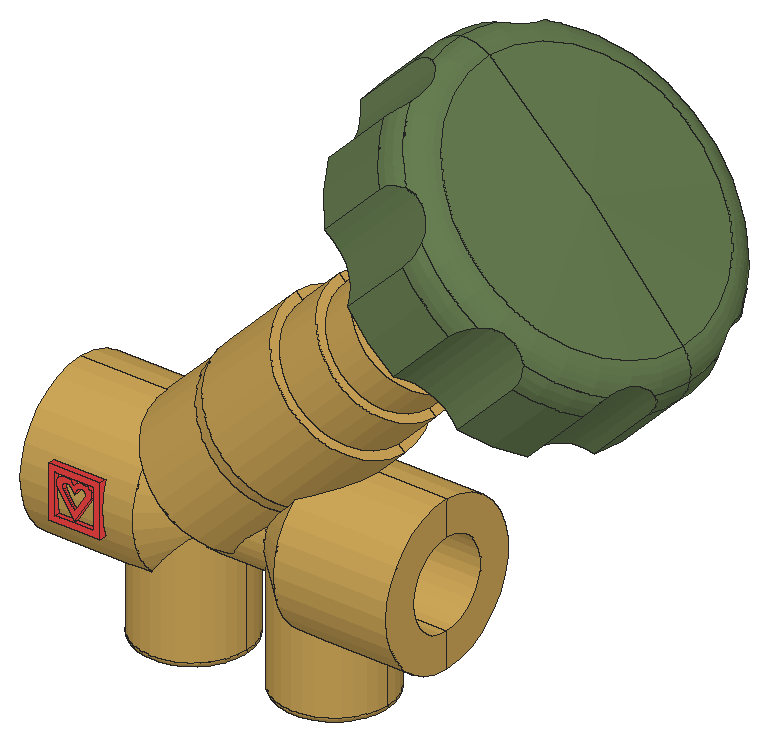
Revit family "Absperrventil 4125 WD", category Rohrzubehör, Revit 2019
Family settings
  Bemaßung runder Anschluss = Durchmesser verwenden
  Teiletyp = Unterbricht
  OmniClass-Nummer = 23.65.55.14
  OmniClass-Titel = Valves for Liquid Services
  Arbeitsebenenbasiert = Nein
  Immer vertikal = Ja
  Beim Laden mit Abzugskörper schneiden = Nein
  Gemeinsam genutzt = Nein
Parameters
  W01 = 45.00°  # constant formula
  URL = "www.herz-armaturen.at"
  Technische möglicher Einsatz = " "  # constant formula
  Spindel = "Messing CW617N"  # constant formula
  SW01 = 60.00°  # constant formula
  SC_NennweiteBerechnet = 0
  SC_Dimension = ""
  SCTWSEQ = "FW_SBT_TYP_FW=\"109\";2"
  SCTWCODE = "04;00;02"  # constant formula
  S03 = 60 mm  # constant formula
  S02 [instance] = L06 + L09 + L12 + L15  # 77.9 mm
  S01 [instance] = R01 * 2  # 27 mm
  R12 [instance] = R01 - 1 mm  # 12.5 mm
  R11 [instance] = size_lookup("4125WD_", "R11", 46.5 mm, Nennweite)  # 5.1 mm
  R100 = 1 mm  # constant formula
  R10 [instance] = size_lookup("4125WD_", "R10", 46.5 mm, Nennweite)  # 8 mm
  R09 [instance] = size_lookup("4125WD_", "R9", 46.5 mm, Nennweite)  # 10.5 mm
  R08 [instance] = size_lookup("4125WD_", "R8", 46.5 mm, Nennweite)  # 12 mm
  R07 [instance] = size_lookup("4125WD_", "R7", 46.5 mm, Nennweite)  # 13.5 mm
  R06 [instance] = size_lookup("4125WD_", "R6", 43 mm, Nennweite)  # 13 mm
  R05 [instance] = Nennweite / 2  # 7.5 mm
  R03 = 9.5 mm  # constant formula
  R02 [instance] = Nennweite / 2  # 7.5 mm
  R01 [instance] = size_lookup("4125WD_", "R1", 11.5 mm, Nennweite)  # 13.5 mm
  Oberteil = "entzinkungsbeständiges Messing CW626N"  # constant formula
  Nennweite [instance] = 15 mm
  Min. Durchfluss bei Dp 10 kPa [instance] = if(Nennweite = 15 mm, 0.5 L/s, if(Nennweite = 20 mm, 1.0 L/s, if(Nennweite = 25 mm, 1.75 L/s, if(Nennweite = 32 mm, 3.0 L/s, if(Nennweite = 40 mm, 4.0 L/s, if(Nennweite = 50 mm, 6.75 L/s, if(Nennweite = 65 mm, 11.0 L/s, if(Nennweite = 80 mm, 16.0 L/s, 0.0 L/s))))))))  # 0.5 L/s
  Medium = "Trinkwasser"  # constant formula
  Max. Gebrauchstemperatur (ÖVGW) = 65 °C  # constant formula
  Max. Differenzdruck auf geschlossenen Sitz = 1000000.0 Pa  # constant formula
  Max. Betriebstemperatur = 80 °C  # constant formula
  Max. Betriebsdruck (ÖVGW) = 1000000.0 Pa  # constant formula
  Max. Betriebsdruck = 2000000.0 Pa  # constant formula
  L16 [instance] = L01 / 2  # 10 mm
  L15 [instance] = size_lookup("4125WD_", "L15", 12.4 mm, Nennweite)  # 12.4 mm
  L14 [instance] = size_lookup("4125WD_", "L14", 81 mm, Nennweite)  # 6 mm
  L12 [instance] = size_lookup("4125WD_", "L12", 81 mm, Nennweite)  # 26 mm
  L11 [instance] = size_lookup("4125WD_", "L11", 60 mm, Nennweite)  # 6.7 mm
  L10 [instance] = size_lookup("4125WD_", "L10", 20 mm, Nennweite)  # 9.3 mm
  L09 [instance] = size_lookup("4125WD_", "L9", 11 mm, Nennweite)  # 17 mm
  L08 [instance] = size_lookup("4125WD_", "L8", 35 mm, Nennweite)  # 20 mm
  L07 [instance] = size_lookup("4125WD_", "L7", 35 mm, Nennweite)  # 12.5 mm
  L06 [instance] = size_lookup("4125WD_", "L6", 118 mm, Nennweite) - L09  # 22.5 mm
  L03 = 15 mm  # constant formula
  L02 [instance] = size_lookup("4125WD_", "L2", 22 mm, Nennweite)  # 6 mm
  L01 [instance] = size_lookup("4125WD_", "L1", 48 mm, Nennweite)  # 20 mm
  L00 [instance] = size_lookup("4125WD_", "L", 180 mm, Nennweite)  # 65 mm
  Kegel = "entzinkungsbeständiges Messing CW626N"  # constant formula
  Hinweis = "Gemäß Art 33 der REACH-Verordnung (EG Nr. 1907/2006) sind wir verpflichtet, darauf hinzuweisen, dass der Stoff Blei auf der SVHC-Liste geführt wird und dass alle aus Messing bestehenden Bauteile, die in unseren Erzeugnissen verarbeitet sind, mehr als 0,1 % (w/w) Blei (CAS: 7439-92-1 / EINECS: 231-100-4) enthalten.\r\nDa Blei als Legierungsbestandteil fest gebunden ist, sind keine Expositionen zu erwarten und daher sind keine zusätzlichen Angaben zur sicheren Verwendung notwendig."
  Hersteller = "HERZ Armaturen Ges.m.b.H."  # constant formula
  Handrad = "Kunststoff, grün"  # constant formula
  H01 [instance] = size_lookup("4125WD_", "H1", 53 mm, Nennweite)  # 24 mm
  Gelegentliche Temperaturanstiege = "bis 95°C, wenn sie nicht länger als 1 h andauern"  # constant formula
  Gehäuse = "entzinkungsbeständiges Gussmessing CC770S"  # constant formula
  Dichtungen = "EPDM nach KTW"  # constant formula
  DN80 [instance] = Nennweite = 80 mm  # no
  DN65 [instance] = Nennweite = 65 mm  # no
  DN50 [instance] = Nennweite = 50 mm  # no
  DN40 [instance] = Nennweite = 40 mm  # no
  DN32 [instance] = Nennweite = 32 mm  # no
  DN25 [instance] = Nennweite = 25 mm  # no
  DN20 [instance] = Nennweite = 20 mm  # no
  DN15 [instance] = Nennweite = 15 mm  # yes
  Bestellnummer [instance] = size_lookup("4125WD_", "Artnr", 0, Nennweite)  # 2412561
  Anwendungsgebiet = "Zum Absperren von Trinkwasserleitungen in Gebäuden."
Reference planes
  plane 1 "Mitte (Vorne/hinten)": y = 0
  plane 2: z = 0
  plane 3 "Mitte (Links/rechts)": x = 0
Forms (mm)
  Revolve 1, solid, material "Messing, weicher Gelbton, geschweißt", detail levels fine
    sketch origin (470, 0, 0) x (1, 0, 0) y (0, 0, 1)
      loop
        line (-502.5, 7.5) -> (-487.5, 7.5) -> (-487.5, 0) -> (-452.5, 0) -> (-452.5, 7.5) -> (-437.5, 7.5) -> (-437.5, 13.5) -> (-457.5, 13.5) -> (-464, 7.5) -> (-476, 7.5) -> (-482.5, 13.5) -> (-502.5, 13.5) -> (-502.5, 7.5)
      axis (-502.5, 0) -> (-437.5, 0)
    angle from 0 to 360
  Revolve 2, solid, material "Messing, weicher Gelbton, geschweißt", detail levels fine
    sketch origin (470, 0, 0) x (1, 0, 0) y (0, 0, 1)
      loop
        line (-492, 0) -> (-492, -23)
        arc (-492, -23) -> (-491.707, -23.707) -> (-491, -24) r 1
        line (-491, -24) -> (-482.5, -24) -> (-482.5, 0) -> (-492, 0)
      axis (-482.5, 0) -> (-482.5, -24)
    angle from 0 to 360
  Revolve 3, solid, material "Messing, weicher Gelbton, geschweißt", detail levels fine
    sketch origin (-470, 0, 0) x (-1, 0, 0) y (0, 0, 1)
      loop
        line (-492, 0) -> (-492, -23)
        arc (-492, -23) -> (-491.707, -23.707) -> (-491, -24) r 1
        line (-491, -24) -> (-482.5, -24) -> (-482.5, 0) -> (-492, 0)
      axis (-482.5, 0) -> (-482.5, -24)
    angle from 0 to 360
  Revolve 4, solid, material "Messing, weicher Gelbton, geschweißt", detail levels fine
    sketch origin (0.32, 0, -0.105) x (1, 0, 0) y (0, 0, 1)
      loop
        line (-12.82, 0) -> (42.264, 55.084) -> (38.657, 58.69) -> (29.889, 49.922) -> (27.839, 51.972) -> (20.767, 44.901) -> (19, 46.669) -> (14.262, 41.931) -> (13.201, 42.992) -> (6.625, 36.416) -> (5.565, 37.477) -> (-6.456, 25.456) -> (-7.87, 23.335) -> (-17.77, 13.435) -> (-18.123, 5.303) -> (-12.82, 0)
      axis (-12.82, 0) -> (42.264, 55.084)
    angle from 0 to 360
Lines and regions (mm)
  model lines, detail levels coarse+medium
    curve 1: line (-32.5, 0, 13.5) -> (-32.5, 0, -13.5)
    curve 2: line (-32.5, 0, -13.5) -> (32.5, 0, 13.5)
    curve 3: line (32.5, 0, 13.5) -> (32.5, 0, -13.5)
    curve 4: line (32.5, 0, -13.5) -> (-32.5, 0, 13.5)
    curve 5: line (0, 0, 0) -> (38.95, 0, 67.463)
    curve 6: line (12.969, 0, 82.463) -> (64.931, 0, 52.463)
    curve 7: line (-32.5, 13.5, 0) -> (-32.5, -13.5, 0)
    curve 8: line (-32.5, -13.5, 0) -> (32.5, 13.5, 0)
    curve 9: line (32.5, 13.5, 0) -> (32.5, -13.5, 0)
    curve 10: line (32.5, -13.5, 0) -> (-32.5, 13.5, 0)
    curve 11: line (0, 0, 0) -> (38.95, 67.463, 0)
    curve 12: line (12.969, 82.463, 0) -> (64.931, 52.463, 0)
Dimensions and locks
  "H01": plane 2 to Revolve 2 sketch curve
  "L00": Revolve 1 sketch curve to Revolve 1 sketch curve
  equal spacing: Revolve 1 sketch curve, plane 3 "Mitte (Links/rechts)", Revolve 1 sketch curve
  "R01": Revolve 1 sketch curve to Revolve 1 sketch curve  (x2)
  "R02": Revolve 1 sketch curve to Revolve 1 sketch curve  (x3)
  "L01": Revolve 1 sketch curve to Revolve 1 sketch curve  (x2)
  "L02": plane 3 "Mitte (Links/rechts)" to Revolve 1 sketch curve
  "L02": Revolve 1 sketch curve to plane 3 "Mitte (Links/rechts)"
  "L03": Revolve 1 sketch curve to Revolve 1 sketch curve  (x2)
  "L01": Revolve 1 to Revolve 2 sketch curve
  "R03": Revolve 2 sketch curve to Revolve 2 sketch curve
  "L01": Revolve 3 sketch curve to Revolve 1
  "R03": Revolve 3 sketch curve to Revolve 3 sketch curve
  "H01": plane 2 to Revolve 3 sketch curve
  "R07": Revolve 4 sketch curve to Revolve 4 sketch curve
  "L07": plane 3 "Mitte (Links/rechts)" to Revolve 4 sketch curve
  "R05": Revolve 4 sketch curve to Revolve 4 sketch curve
  "L06": Revolve 4 sketch curve to Revolve 4 sketch curve
  "L08": Revolve 4 sketch curve to Revolve 4 sketch curve
  "R06": Revolve 4 sketch curve to Revolve 4 sketch curve
  "L14": Revolve 4 sketch curve to Revolve 4 sketch curve
  "L09": Revolve 4 sketch curve to Revolve 4 sketch curve
  "R08": Revolve 4 sketch curve to Revolve 4 sketch curve
  "L10": Revolve 4 sketch curve to Revolve 4 sketch curve
  "R09": Revolve 4 sketch curve to Revolve 4 sketch curve
  "R10": Revolve 4 sketch curve to Revolve 4 sketch curve
  "L12": Revolve 4 sketch curve to Revolve 4 sketch curve
  "R11": Revolve 4 sketch curve to Revolve 4 sketch curve
  "L15": Revolve 4 sketch curve to Revolve 4 sketch curve
  "L11": Revolve 4 sketch curve to Revolve 4 sketch curve
  "R12": nested 9 to plane 1 "Mitte (Vorne/hinten)"
  "L16": Revolve 1 to nested 9
  equal spacing: curve 1, plane 3 "Mitte (Links/rechts)", curve 3
  "L00": curve 1 to curve 3
  equal spacing: curve 4, plane 2, curve 2
  "S01": curve 4 to curve 2
  equal spacing: curve 3, plane 2, curve 4
  "S01": curve 3 to curve 4
  "S02": curve 5 to curve 5
  equal spacing: curve 6, curve 5, curve 6
  "S03": curve 6 to curve 6
  equal spacing: curve 7, plane 3 "Mitte (Links/rechts)", curve 9
  "L00": curve 7 to curve 9
  equal spacing: curve 8, plane 1 "Mitte (Vorne/hinten)", curve 10
  "S01": curve 10 to curve 8
  equal spacing: curve 10, plane 1 "Mitte (Vorne/hinten)", curve 9
  "S01": curve 9 to curve 10
  "S02": curve 11 to curve 11
  equal spacing: curve 12, curve 11, curve 12
  "S03": curve 12 to curve 12
  "R100": radius of Revolve 2 sketch curve
  "R100": radius of Revolve 3 sketch curve
  "W01": angle plane 2 to Revolve 4 sketch curve
  "W01": angle level to Revolve 4 sketch curve
  "SW01": angle plane 2 to curve 5
  "SW01": angle plane 1 "Mitte (Vorne/hinten)" to curve 11
  aligned and locked: level to plane 2
Automatic sketch dimensions
  curve 5 to level = 0 mm
  plane 1 "Mitte (Vorne/hinten)" to curve 11 = 0 mm
  Revolve 1 sketch curve to level = 0 mm  (x2)
  Revolve 1 sketch curve to Revolve 1 sketch curve = 791.99 mm
  Revolve 1 sketch curve to Revolve 1 sketch curve = 2278.983 mm
  Revolve 2 sketch curve to level = 0 mm  (x2)
  Revolve 2 sketch curve to Revolve 2 sketch curve = 0 mm
  Revolve 2 sketch curve to Revolve 2 sketch curve = 0.292 mm
  Revolve 3 sketch curve to level = 0 mm  (x2)
  Revolve 3 sketch curve to Revolve 3 sketch curve = 0 mm
  Revolve 3 sketch curve to Revolve 3 sketch curve = 0.292 mm
  Revolve 4 sketch curve to level = 0.105 mm
  Revolve 4 sketch curve to Revolve 4 sketch curve = 0 mm  (x2)
Nested families
  nested 1: "Strömax-Handrad_Schrägsitz (Grün)" at (42.584, 0, 54.979), visible <- "DN15", type "Strömax-Handrad_Schrägsitz (Grün)", detail levels fine
    with Nennweite 0 mm, Gewicht 0.00 kg, Bestellnummer 0
  nested 2: "Strömax-Handrad_Schrägsitz (Grün)" at (54.312, 0, 67.707), visible <- "DN20", type "Strömax-Handrad_Schrägsitz (Grün)", detail levels fine
    with Nennweite 0 mm, Gewicht 0.00 kg, Bestellnummer 0
  nested 3: "Strömax-Handrad_Schrägsitz (Grün)" at (62.469, 0, 80.364), visible <- "DN25", type "Strömax-Handrad_Schrägsitz (Grün)", detail levels fine
    with Nennweite 0 mm, Gewicht 0.00 kg, Bestellnummer 0
  nested 4: "Strömax-Handrad_Schrägsitz (Grün)" at (71.712, 0, 91.607), visible <- "DN32", type "Strömax-Handrad_Schrägsitz (Grün)", detail levels fine
    with Nennweite 0 mm, Gewicht 0.00 kg, Bestellnummer 0
  nested 5: "Strömax-Handrad_Schrägsitz (Grün)" at (80.399, 0, 101.294), visible <- "DN40", type "Strömax-Handrad_Schrägsitz (Grün)", detail levels fine
    with Nennweite 0 mm, Gewicht 0.00 kg, Bestellnummer 0
  nested 6: "Strömax-Handrad_Schrägsitz (Grün)" at (97.83, 0, 129.225), visible <- "DN50", type "Strömax-Handrad_Schrägsitz (Grün)", detail levels fine
    with Nennweite 0 mm, Gewicht 0.00 kg, Bestellnummer 0
  nested 7: "Strömax-Handrad_Schrägsitz (Grün)" at (114.482, 0, 149.378), visible <- "DN65", type "Strömax-Handrad_Schrägsitz (Grün)", detail levels fine
    with Nennweite 0 mm, Gewicht 0.00 kg, Bestellnummer 0
  nested 8: "Strömax-Handrad_Schrägsitz (Grün)" at (140.423, 0, 183.319), visible <- "DN80", type "Strömax-Handrad_Schrägsitz (Grün)", detail levels fine
    with Nennweite 0 mm, Gewicht 0.00 kg, Bestellnummer 0
  nested 9: "Herz-Logo-vorne" at (-22.5, -13.232, 0) x (0, 1, 0) z (0, 0, 1), type "Herz-Logo-vorne", detail levels fine
Connectors
  piping at (-17.5, 0, 0), diameter 15, driven by "Nennweite"
    settings: on Revolve 1, index 1, connector inside diameter 609.6 mm, connector length 0 mm, flow factor 0, pipe flow 0.0 L/s, pressure drop 0.0 Pa, fitting loss kfactor 0, connector angle 0.00°, fixture units 0, engagement length 0 mm, angle of deflection 0.00°, flow configuration 0, flow direction 1, fitting loss method 0, system type 29, joint type 0, gender type 0, connector reference index -1, connector utility 0, adjustable connector no, is connector primary yes, connector description ""
  piping at (17.5, 0, 0), diameter 15, driven by "Nennweite"
    settings: on Revolve 1, index 2, connector inside diameter 609.6 mm, connector length 0 mm, flow factor 0, pipe flow 0.0 L/s, pressure drop 0.0 Pa, fitting loss kfactor 0, connector angle 0.00°, fixture units 0, engagement length 0 mm, angle of deflection 0.00°, flow configuration 0, flow direction 2, fitting loss method 0, system type 29, joint type 0, gender type 0, connector reference index -1, connector utility 0, adjustable connector no, is connector primary no, connector description ""
Definition of nested family "Strömax-Handrad_Schrägsitz (Grün)"
  Parameters (values of type "Strömax-Handrad_Schrägsitz (Grün)")
    URL = "www.herz-armaturen.at"
    Nennweite [instance] = 0 mm
    Manufacturer = "Herz Armaturen GmbH"  # constant formula
    Gewicht [instance] = 0.00 kg
    Bestellnummer [instance] = 0
  Reference planes
    plane 1 "Mitte (Vorne/hinten)": y = 0
    plane 2: z = 0
    plane 3 "Mitte (Links/rechts)": x = 0
  Forms (mm)
    Revolve 1, solid
      sketch origin (0, 0, 0) x (0.707107, 0, -0.707107) y (0.707107, 0, 0.707107)
        loop
          line (0, 0) -> (0, 22)
          arc (0, 22) -> (-12.15, 21.705) -> (-24.271, 20.819) r 250
          arc (-24.271, 20.819) -> (-26.831, 19.959) -> (-28.754, 18.063) r 6
          arc (-28.754, 18.063) -> (-29.682, 16.008) -> (-30, 13.776) r 8
          line (-30, 13.776) -> (-30, 0) -> (0, 0)
        axis (0, 22) -> (0, 0)
      angle from 0 to 360
    Extrusion 2, void
      sketch origin (0, 0, 0) x (0.707107, 0, -0.707107) y (0, 1, 0)
        loop
          circle (14.351, -34.645) r 10
      from 0 to 22
    Extrusion 3, void
      sketch origin (0, 0, 0) x (-0.707107, 0, 0.707107) y (0, -1, 0)
        loop
          circle (14.351, 34.645) r 10
      from 0 to 22
    Extrusion 4, void
      sketch origin (0, 0, 0) x (0, -1, 0) y (0.707107, 0, -0.707107)
        loop
          circle (14.351, 34.645) r 10
      from 0 to 22
    Extrusion 5, void
      sketch origin (0, 0, 0) x (0, 1, 0) y (-0.707107, 0, 0.707107)
        loop
          circle (14.351, -34.645) r 10
      from 0 to 22
    Extrusion 6, void
      sketch origin (0, 0, 0) x (0, -1, 0) y (0.707107, 0, -0.707107)
        loop
          circle (14.351, -34.645) r 10
      from 0 to 22
    Extrusion 7, void
      sketch origin (0, 0, 0) x (0, 1, 0) y (-0.707107, 0, 0.707107)
        loop
          circle (14.351, 34.645) r 10
      from 0 to 22
    Extrusion 8, void
      sketch origin (0, 0, 0) x (0.707107, 0, -0.707107) y (0, 1, 0)
        loop
          circle (14.351, 34.645) r 10
      from 0 to 22
    Extrusion 9, void
      sketch origin (0, 0, 0) x (-0.707107, 0, 0.707107) y (0, -1, 0)
        loop
          circle (14.351, -34.645) r 10
      from 0 to 22
  Cuts and joins
    Extrusion 2, Extrusion 3, Extrusion 4, Extrusion 5, Extrusion 6, Extrusion 7, Extrusion 8, Extrusion 9 cuts Revolve 1
  Dimensions and locks
    aligned and locked: level to plane 2
Definition of nested family "Herz-Logo-vorne"
  Reference planes
    plane 1 "Mitte (Vorne/hinten)": y = 0
    plane 2: z = 0
    plane 3 "Mitte (Links/rechts)": x = 0
  Forms (mm)
    Extrusion 1, solid
      sketch origin (0.732, -0.018, 0.017) x (0, -1, 0) y (0, 0, 1)
        loop
          line (-0.018, -4.517) -> (4.482, -4.517) -> (4.482, 4.483) -> (-4.518, 4.483) -> (-4.518, -4.517) -> (-0.018, -4.517)
        loop
          line (-0.05, -3.48) -> (3.482, -3.48) -> (3.482, 3.483) -> (-3.518, 3.483) -> (-3.518, -3.48) -> (-0.05, -3.48)
        loop
          arc (-0.018, 2.383) -> (-1.543, 3.287) -> (-3.067, 2.383) r 1.738
          arc (-3.067, 2.383) -> (-3.191, 1.899) -> (-3.067, 1.415) r 1.009
          line (-3.067, 1.415) -> (-0.018, -3.281) -> (3.032, 1.415)
          arc (3.032, 1.415) -> (3.156, 1.899) -> (3.032, 2.383) r 1.009
          arc (3.032, 2.383) -> (1.507, 3.287) -> (-0.018, 2.383) r 1.738
        loop
          arc (1.885, 1.272) -> (2.005, 1.675) -> (1.885, 2.079) r 0.74
          arc (1.885, 2.079) -> (1.265, 2.416) -> (0.644, 2.079) r 0.74
          line (0.644, 2.079) -> (-0.018, 0.97) -> (-0.679, 2.079)
          arc (-0.679, 2.079) -> (-1.3, 2.416) -> (-1.921, 2.079) r 0.74
          arc (-1.921, 2.079) -> (-2.04, 1.675) -> (-1.921, 1.272) r 0.74
          line (-1.921, 1.272) -> (-0.018, -1.658) -> (1.885, 1.272)
      from 0 to 1.5
  Dimensions and locks
    aligned and locked: level to plane 2
